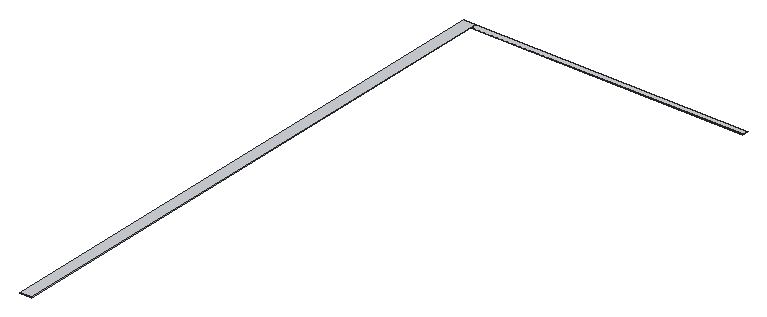
Revit family "Parking Revit", category Modèles génériques, Revit 2016
Family settings
  Type d'élément = Normal
  Peut héberger une armature = Non
  Cote de connecteur circulaire = Utiliser le diamètre
  Basée sur le plan de construction = Non
  Toujours verticalement = Oui
  Couper avec des vides une fois chargée = Non
  Partagée = Non
  Point de calcul de pièce = Oui
Parameters (values of type "Place Parking Interieur Standard")
  Longueur place = 4800 mm
  Logo PMR = no
  Largeur place = 2450 mm
Types (3, lengths in mm): name | Logo PMR | Largeur place
  (no name) | no | 2450
  Place Parking Interieur Standard | no | 2450
  Place Parking Interieur PMR | yes | 3250
Reference planes
  plane 1 "Centre (avant/arrière)": y = 0
  plane 2: z = 0
  plane 3 "Centre (gauche/droite)": x = 0
  plane 4: y = -4800
  plane 5: x = 2450
Forms (mm)
  Extrusion 1, solid
    sketch origin (0, 0, 0) x (1, 0, 0) y (0, 1, 0)
      loop
        line (0, 0) -> (0, -4800) -> (100, -4800) -> (100, 0) -> (0, 0)
    from 0 to 3
  Extrusion 2, solid
    sketch origin (0, 0, 0) x (1, 0, 0) y (0, 1, 0)
      loop
        line (100, 0) -> (100, -50) -> (2450, -50) -> (2450, 0) -> (100, 0)
    from 0 to 3
  Extrusion 3, solid, visible <- "Logo PMR"
    sketch origin (338.333, -140.158, 0) x (1, 0, 0) y (0, 1, 0)
      loop
        arc (957.36, -2049.894) -> (570.904, -3309.401) -> (1885.472, -3222.126) r 800
        line (1885.472, -3222.126) -> (1831.768, -2997.43)
        arc (1831.768, -2997.43) -> (747.926, -3295.434) -> (969.925, -2193.51) r 660
        line (969.925, -2193.51) -> (957.36, -2049.894)
      loop
        line (961.24, -1451.036) -> (1058.248, -2559.842) -> (1766.346, -2559.842) -> (2074.82, -3509.227) -> (2436.763, -3391.624) -> (2390.41, -3248.966) -> (2181.178, -3316.949) -> (1883.192, -2399.842) -> (1183.192, -2399.842) -> (1161.667, -2153.815) -> (1661.667, -2153.815) -> (1661.667, -1993.815) -> (1147.669, -1993.815) -> (1107.215, -1531.425)
        arc (1107.215, -1531.425) -> (1229.179, -1137.226) -> (961.24, -1451.036) r 210.657
    from 0 to 3
Lines and regions (mm)
  model lines
    curve 1: line (2450, 0, 0) -> (2450, -4800, 0)
Dimensions and locks
  "Longueur place": plane 4 to plane 1 "Centre (avant/arrière)"
  "Largeur place": plane 3 "Centre (gauche/droite)" to plane 5
  locked: Extrusion 1 sketch curve to Extrusion 1 sketch curve at 100
  locked: Extrusion 2 sketch curve to Extrusion 2 sketch curve at 50
  aligned and locked: level to plane 2
  aligned and locked: Extrusion 1 sketch curve to plane 3 "Centre (gauche/droite)"
  aligned and locked: plane 1 "Centre (avant/arrière)" to Extrusion 1 sketch curve
  aligned and locked: plane 4 to Extrusion 1 sketch curve
  aligned and locked: plane 1 "Centre (avant/arrière)" to Extrusion 2 sketch curve
  aligned and locked: Extrusion 1 to Extrusion 2 sketch curve
  aligned and locked: Extrusion 2 sketch curve to plane 5
  aligned and locked: plane 4 to curve 1
  aligned and locked: plane 1 "Centre (avant/arrière)" to curve 1
  aligned and locked: curve 1 to plane 5
Automatic sketch dimensions
  Extrusion 3 sketch curve to Extrusion 3 sketch curve = 0 mm  (x2)
  plane 3 "Centre (gauche/droite)" to Extrusion 3 sketch curve = 1295.693 mm
  Extrusion 3 sketch curve to Extrusion 3 sketch curve = 12.565 mm
  Extrusion 3 sketch curve to Extrusion 3 sketch curve = 88.323 mm
  Extrusion 3 sketch curve to Extrusion 3 sketch curve = 170.199 mm
  Extrusion 3 sketch curve to Extrusion 3 sketch curve = 124.943 mm
  Extrusion 3 sketch curve to Extrusion 3 sketch curve = 139.868 mm
  Extrusion 3 sketch curve to Extrusion 3 sketch curve = 478.475 mm
  Extrusion 3 sketch curve to Extrusion 3 sketch curve = 104.679 mm
  Extrusion 3 sketch curve to Extrusion 3 sketch curve = 65.422 mm
  Extrusion 3 sketch curve to Extrusion 3 sketch curve = 116.845 mm
  Extrusion 3 sketch curve to Extrusion 3 sketch curve = 53.705 mm
  Extrusion 3 sketch curve to Extrusion 3 sketch curve = 189.348 mm
  Extrusion 3 sketch curve to Extrusion 3 sketch curve = 106.358 mm
  Extrusion 3 sketch curve to Extrusion 3 sketch curve = 209.232 mm
  Extrusion 3 sketch curve to Extrusion 3 sketch curve = 46.353 mm
  plane 4 to Extrusion 3 sketch curve = 1150.615 mm
  Extrusion 3 sketch curve to Extrusion 3 sketch curve = 117.602 mm
  Extrusion 3 sketch curve to Extrusion 3 sketch curve = 94.824 mm
  Extrusion 3 sketch curve to Extrusion 3 sketch curve = 224.696 mm
  Extrusion 3 sketch curve to Extrusion 3 sketch curve = 252.965 mm
  Extrusion 3 sketch curve to Extrusion 3 sketch curve = 246.027 mm
  Extrusion 3 sketch curve to Extrusion 3 sketch curve = 672.062 mm
  Extrusion 3 sketch curve to Extrusion 3 sketch curve = 145.974 mm
  Extrusion 3 sketch curve to Extrusion 3 sketch curve = 190.308 mm
  Extrusion 3 sketch curve to Extrusion 3 sketch curve = 80.389 mm
  Extrusion 3 sketch curve to Extrusion 3 sketch curve = 160 mm
  Extrusion 3 sketch curve to Extrusion 3 sketch curve = 13.998 mm
  Extrusion 3 sketch curve to Extrusion 3 sketch curve = 129.284 mm
